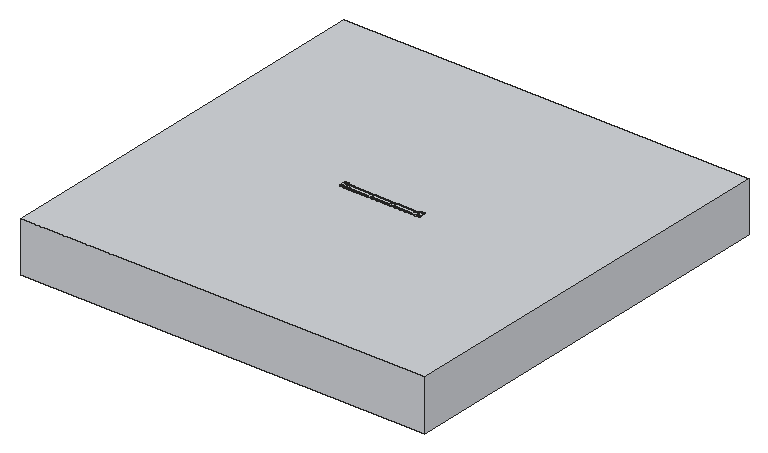
Revit family
Parameters (values of type "FCP3-RACK")
  Weight = 8.00 lbf
  U/M = "EA"
  U Space = "1"
  System = "MM & SM Fiber"
  Serial Number = "FCP3-RACK"
  Segment = "FIBER"
  Ports = "3"
  Model = "FIBER PANEL"
  Metal = none
  Manufacturer = "SIEMON"
  Loaded/Empty = "Empty"
  Item Group = "FIBER MGMT"
  Item Class = "V1"
  Description = "FIBER CONNECT PANEL,FIXED TRAY, BLACK,1RMS"
  Default Elevation = 4' - 0"
  Color = "Black"
Reference planes (in)
  plane 1 "Center (Front/Back)": y = 0
  plane 2: z = 0
  plane 3 "Center (Left/Right)": x = 0
Forms (in)
  Extrusion 1, solid
    sketch origin (0, 0, 0) x (1, 0, 0) y (0, 1, 0)
      loop
        line (-48, 48) -> (-48, -48) -> (48, -48) -> (48, 48) -> (-48, 48)
    from 0 to -12
Dimensions and locks (in)
  aligned and locked: plane 2 to Extrusion 1
  aligned and locked: level to Extrusion 1
Nested families (in)
  nested 1: "FCP3-RACK[1][1]" at (0, 1.57562, -3.6711), type "FCP3-RACK[1][1]"
Definition of nested family "FCP3-RACK[1][1]"
  Parameters (values of type "FCP3-RACK[1][1]")
    Weight = "3.6 kgs (8.0 lbs)"
    UL Rating = "UL 1863"
    U Space / Capacity = "1U"
    Text = Text
    Screw = Screws
    Part Number = "FCP3-RACK"
    Material = Cold rolled steel (CRS)
    Manufacturer Contact Info / Website = "www.siemon.com"
    Manufacturer = "Siemon"
    Label = Label
    Dimensions (H x W x D) = "44.5mm x 483mm x 260mm\r\n(1.75 in. x 19.0 in. x 10.2 in.)"
    Description = "Fiber Connect Panel"
    Clearance = "50mm (2.0 in.) Front and Rear"
    Assembly Code = ""
  Reference planes (in)
    plane 1 "Center (Front/Back)": y = -1.57562
    plane 2: z = 0
    plane 3 "Center (Left/Right)": x = 0
  Forms (in)
    Extrusion 1, solid, material "Cold rolled steel (CRS)" <- "Material"
      sketch origin (0, -1.40644, -1.37348) x (1, 0, 0) y (0, 0, -1)
        loop
          arc (-8.29469, 4.43987) -> (-8.38308, 4.40325) -> (-8.4197, 4.31486) r 0.12501
          line (-8.4197, 4.31486) -> (-8.4197, -4.08084) -> (8.4197, -4.08084) -> (8.4197, 4.31486)
          arc (8.4197, 4.31486) -> (8.38308, 4.40325) -> (8.29469, 4.43987) r 0.12501
          line (8.29469, 4.43987) -> (-8.29469, 4.43987)
      from -0.00918 to 0.04083
    Extrusion 2, solid, material "Cold rolled steel (CRS)" <- "Material"
      sketch origin (0, -1.40644, -1.37348) x (0, 0, -1) y (0, 1, 0)
        loop
          arc (-4.08084, 0.04083) -> (-4.10589, 0.03351) -> (-4.12498, 0.01572) r 0.0565
          line (-4.12498, 0.01572) -> (-4.12498, -0.01578)
          arc (-4.12498, -0.01578) -> (-4.13105, -0.03308) -> (-4.1466, -0.0428) r 0.0277
          line (-4.1466, -0.0428) -> (-4.1466, -0.09398)
          arc (-4.1466, -0.09398) -> (-4.11979, -0.08564) -> (-4.09875, -0.06705) r 0.06707
          arc (-4.09875, -0.06705) -> (-4.0856, -0.04349) -> (-4.08084, -0.01694) r 0.08174
          line (-4.08084, -0.01694) -> (-4.08084, 0.04083)
      from -8.4307 to 8.4307
    Extrusion 3, solid, material "Cold rolled steel (CRS)" <- "Material"
      sketch origin (-8.46052, -1.79065, -1.37348) x (0, 0, -1) y (0, 1, 0)
        loop
          arc (4.42887, 0.30002) -> (4.39225, 0.38842) -> (4.30386, 0.42504) r 0.12501
          line (4.30386, 0.42504) -> (3.94133, 0.42504)
          arc (3.94133, 0.42504) -> (3.89713, 0.40673) -> (3.87882, 0.36253) r 0.06251
          line (3.87882, 0.36253) -> (3.87882, -0.01166)
          arc (3.87882, -0.01166) -> (3.47879, -0.95758) -> (3.07875, -0.01166) r 0.55755
          line (3.07875, -0.01166) -> (3.07875, 0.36253)
          arc (3.07875, 0.36253) -> (3.06045, 0.40673) -> (3.01625, 0.42504) r 0.06251
          line (3.01625, 0.42504) -> (2.60372, 0.42504) -> (-3.36447, 0.42504) -> (-4.83412, 0.42504)
          arc (-4.83412, 0.42504) -> (-4.92251, 0.38842) -> (-4.95913, 0.30002) r 0.12501
          line (-4.95913, 0.30002) -> (-4.95913, -1.05149)
          arc (-4.95913, -1.05149) -> (-4.92251, -1.13988) -> (-4.83412, -1.1765) r 0.12501
          line (-4.83412, -1.1765) -> (4.30386, -1.1765)
          arc (4.30386, -1.1765) -> (4.39225, -1.13988) -> (4.42887, -1.05149) r 0.12501
          line (4.42887, -1.05149) -> (4.42887, 0.30002)
      from -0.02018 to 0.04083
    Extrusion 4, solid, material "Cold rolled steel (CRS)" <- "Material"
      sketch origin (0, -1.50042, 7.82304) x (1, 0, 0) y (0, 0, -1)
        loop
          line (-8.39169, 4.23561) -> (8.39169, 4.23561) -> (8.39169, 4.92491)
          arc (8.39169, 4.92491) -> (8.35508, 5.0133) -> (8.26668, 5.04992) r 0.12501
          line (8.26668, 5.04992) -> (-8.26668, 5.04992)
          arc (-8.26668, 5.04992) -> (-8.35508, 5.0133) -> (-8.39169, 4.92491) r 0.12501
          line (-8.39169, 4.92491) -> (-8.39169, 4.23561)
      from 0 to 0.05118
    Extrusion 5, solid, material "Cold rolled steel (CRS)" <- "Material"
      sketch origin (0, -1.79065, -1.42048) x (0, 0, -1) y (0, 1, 0)
        loop
          line (-5.04574, -1.10794) -> (-5.04574, 0.27285)
          arc (-5.04574, 0.27285) -> (-5.02899, 0.28624) -> (-5.00791, 0.29019) r 0.04426
          line (-5.00791, 0.29019) -> (-5.00791, 0.34141)
          arc (-5.00791, 0.34141) -> (-5.04774, 0.3339) -> (-5.08086, 0.31055) r 0.09544
          arc (-5.08086, 0.31055) -> (-5.09186, 0.28895) -> (-5.09692, 0.26526) r 0.09327
          line (-5.09692, 0.26526) -> (-5.09692, -1.10034)
          arc (-5.09692, -1.10034) -> (-5.09186, -1.12404) -> (-5.08086, -1.14563) r 0.09327
          arc (-5.08086, -1.14563) -> (-5.04774, -1.16899) -> (-5.00791, -1.1765) r 0.09544
          line (-5.00791, -1.1765) -> (-5.00791, -1.12527)
          arc (-5.00791, -1.12527) -> (-5.02899, -1.12133) -> (-5.04574, -1.10794) r 0.04426
      from -8.39169 to 8.39169
    Extrusion 6, void
      sketch origin (0, -1.79065, 3.54778) x (1, 0, 0) y (0, 1, 0)
        loop
          line (-7.65488, -0.6802) -> (-7.65488, -0.90574) -> (-3.0275, -0.90574) -> (-3.0275, -0.6802) -> (-2.92749, -0.6802) -> (-2.92749, -0.01296) -> (-3.0275, -0.01296) -> (-3.0275, 0.21258) -> (-7.65488, 0.21258) -> (-7.65488, -0.01296) -> (-7.75489, -0.01296) -> (-7.75489, -0.6802) -> (-7.65488, -0.6802)
        loop
          line (-2.27269, -0.6802) -> (-2.27269, -0.90574) -> (2.35469, -0.90574) -> (2.35469, -0.6802) -> (2.4547, -0.6802) -> (2.4547, -0.01296) -> (2.35469, -0.01296) -> (2.35469, 0.21258) -> (-2.27269, 0.21258) -> (-2.27269, -0.01296) -> (-2.3727, -0.01296) -> (-2.3727, -0.6802) -> (-2.27269, -0.6802)
        loop
          line (3.10951, -0.6802) -> (3.10951, -0.90574) -> (7.73689, -0.90574) -> (7.73689, -0.6802) -> (7.8369, -0.6802) -> (7.8369, -0.01296) -> (7.73689, -0.01296) -> (7.73689, 0.21258) -> (3.10951, 0.21258) -> (3.10951, -0.01296) -> (3.0095, -0.01296) -> (3.0095, -0.6802) -> (3.10951, -0.6802)
      from 0 to 0.32551
    Extrusion 7, solid, material "Cold rolled steel (CRS)" <- "Material"
      sketch origin (8.46052, -1.79065, -1.37348) x (0, 0, -1) y (0, -1, 0)
        loop
          line (4.42887, -0.30002) -> (4.42887, 1.05149)
          arc (4.42887, 1.05149) -> (4.39225, 1.13988) -> (4.30386, 1.1765) r 0.12501
          line (4.30386, 1.1765) -> (-4.83412, 1.1765)
          arc (-4.83412, 1.1765) -> (-4.92251, 1.13988) -> (-4.95913, 1.05149) r 0.12501
          line (-4.95913, 1.05149) -> (-4.95913, -0.30002)
          arc (-4.95913, -0.30002) -> (-4.92251, -0.38842) -> (-4.83412, -0.42504) r 0.12501
          line (-4.83412, -0.42504) -> (-3.36447, -0.42504) -> (2.60372, -0.42504) -> (3.01625, -0.42504)
          arc (3.01625, -0.42504) -> (3.06045, -0.40673) -> (3.07875, -0.36253) r 0.06251
          line (3.07875, -0.36253) -> (3.07875, 0.01166)
          arc (3.07875, 0.01166) -> (3.47879, 0.95758) -> (3.87882, 0.01166) r 0.55755
          line (3.87882, 0.01166) -> (3.87882, -0.36253)
          arc (3.87882, -0.36253) -> (3.89713, -0.40673) -> (3.94133, -0.42504) r 0.06251
          line (3.94133, -0.42504) -> (4.30386, -0.42504)
          arc (4.30386, -0.42504) -> (4.39225, -0.38842) -> (4.42887, -0.30002) r 0.12501
      from -0.02018 to 0.04083
    Extrusion 8, solid, material "Cold rolled steel (CRS)" <- "Material"
      sketch origin (-0.00712, -2.21547, 0.70447) x (1, 0, 0) y (0, 0, -1)
        loop
          line (-9.47516, -3.01897) -> (-9.47516, -3.11895) -> (-8.61281, -3.11895)
          arc (-8.61281, -3.11895) -> (-8.51454, -3.07825) -> (-8.47352, -2.97998) r 0.13898
          line (-8.47352, -2.97998) -> (-8.47352, 2.97998) -> (-8.57382, 2.97998) -> (-8.57382, -2.97998)
          arc (-8.57382, -2.97998) -> (-8.58524, -3.00755) -> (-8.61281, -3.01897) r 0.03899
          line (-8.61281, -3.01897) -> (-9.47516, -3.01897)
      from -0.84985 to 0.84985
    Extrusion 9, void
      sketch origin (-0.00712, -2.21547, 0.70447) x (1, 0, 0) y (0, 1, 0)
        loop
          line (-9.35018, 0.84985) -> (-9.47516, 0.84985) -> (-9.47516, 0.72487)
          arc (-9.47516, 0.72487) -> (-9.43855, 0.81325) -> (-9.35018, 0.84985) r 0.12498
      from 2.75681 to 3.26212
    Extrusion 10, void
      sketch origin (-0.00712, -2.21547, 0.70447) x (1, 0, 0) y (0, 1, 0)
        loop
          arc (-9.35018, -0.84985) -> (-9.43855, -0.81325) -> (-9.47516, -0.72487) r 0.12498
          line (-9.47516, -0.72487) -> (-9.47516, -0.84985) -> (-9.35018, -0.84985)
      from 2.75681 to 3.26212
    Extrusion 11, void
      sketch origin (-0.00712, -2.21547, 0.70447) x (0, 0, -1) y (0, 1, 0)
        loop
          arc (2.855, 0.84985) -> (2.94337, 0.81325) -> (2.97998, 0.72487) r 0.12498
          line (2.97998, 0.72487) -> (2.97998, 0.84985) -> (2.855, 0.84985)
        loop
          line (2.855, -0.84985) -> (2.97998, -0.84985) -> (2.97998, -0.72487)
          arc (2.97998, -0.72487) -> (2.94337, -0.81325) -> (2.855, -0.84985) r 0.12498
      from -8.68389 to -8.47384
    Extrusion 12, void
      sketch origin (-0.00712, -2.21547, 0.70447) x (1, 0, 0) y (0, 1, 0)
        loop
          arc (-9.2197, 0.74737) -> (-9.34218, 0.62489) -> (-9.2197, 0.50241) r 0.12248
          line (-9.2197, 0.50241) -> (-9.05873, 0.50241)
          arc (-9.05873, 0.50241) -> (-8.93625, 0.62489) -> (-9.05873, 0.74737) r 0.12248
          line (-9.05873, 0.74737) -> (-9.2197, 0.74737)
        loop
          arc (-9.2197, -0.50241) -> (-9.34218, -0.62489) -> (-9.2197, -0.74737) r 0.12248
          line (-9.2197, -0.74737) -> (-9.05873, -0.74737)
          arc (-9.05873, -0.74737) -> (-8.93625, -0.62489) -> (-9.05873, -0.50241) r 0.12248
          line (-9.05873, -0.50241) -> (-9.2197, -0.50241)
      from 2.90344 to 3.19437
    Extrusion 13, solid, material "Cold rolled steel (CRS)" <- "Material"
      sketch origin (0, -2.96715, 7.82304) x (1, 0, 0) y (0, 0, 1)
        loop
          line (-8.39169, -4.23561) -> (-8.39169, -13.67539) -> (8.39169, -13.67539) -> (8.39169, -4.23561) -> (-8.39169, -4.23561)
      from 0 to 0.05118
    Extrusion 14, solid, material "Cold rolled steel (CRS)" <- "Material"
      sketch origin (0.00712, -2.21547, 0.70447) x (-1, 0, 0) y (0, 0, 1)
        loop
          line (-9.47516, 3.01897) -> (-8.61281, 3.01897)
          arc (-8.61281, 3.01897) -> (-8.58524, 3.00755) -> (-8.57382, 2.97998) r 0.03899
          line (-8.57382, 2.97998) -> (-8.57382, -2.97998) -> (-8.47352, -2.97998) -> (-8.47352, 2.97998)
          arc (-8.47352, 2.97998) -> (-8.51454, 3.07825) -> (-8.61281, 3.11895) r 0.13898
          line (-8.61281, 3.11895) -> (-9.47516, 3.11895) -> (-9.47516, 3.01897)
      from -0.84985 to 0.84985
    Extrusion 15, void
      sketch origin (0.00712, -2.21547, 0.70447) x (-1, 0, 0) y (0, -1, 0)
        loop
          arc (-9.35018, -0.84985) -> (-9.43855, -0.81325) -> (-9.47516, -0.72487) r 0.12498
          line (-9.47516, -0.72487) -> (-9.47516, -0.84985) -> (-9.35018, -0.84985)
      from 2.75681 to 3.26212
    Extrusion 16, void
      sketch origin (0.00712, -2.21547, 0.70447) x (-1, 0, 0) y (0, -1, 0)
        loop
          line (-9.35018, 0.84985) -> (-9.47516, 0.84985) -> (-9.47516, 0.72487)
          arc (-9.47516, 0.72487) -> (-9.43855, 0.81325) -> (-9.35018, 0.84985) r 0.12498
      from 2.75681 to 3.26212
    Extrusion 17, void
      sketch origin (0.00712, -2.21547, 0.70447) x (0, 0, -1) y (0, -1, 0)
        loop
          line (2.855, -0.84985) -> (2.97998, -0.84985) -> (2.97998, -0.72487)
          arc (2.97998, -0.72487) -> (2.94337, -0.81325) -> (2.855, -0.84985) r 0.12498
        loop
          arc (2.855, 0.84985) -> (2.94337, 0.81325) -> (2.97998, 0.72487) r 0.12498
          line (2.97998, 0.72487) -> (2.97998, 0.84985) -> (2.855, 0.84985)
      from -8.68389 to -8.47384
    Extrusion 18, void
      sketch origin (0.00712, -2.21547, 0.70447) x (-1, 0, 0) y (0, -1, 0)
        loop
          line (-9.2197, -0.74737) -> (-9.05873, -0.74737)
          arc (-9.05873, -0.74737) -> (-8.93625, -0.62489) -> (-9.05873, -0.50241) r 0.12248
          line (-9.05873, -0.50241) -> (-9.2197, -0.50241)
          arc (-9.2197, -0.50241) -> (-9.34218, -0.62489) -> (-9.2197, -0.74737) r 0.12248
        loop
          line (-9.2197, 0.50241) -> (-9.05873, 0.50241)
          arc (-9.05873, 0.50241) -> (-8.93625, 0.62489) -> (-9.05873, 0.74737) r 0.12248
          line (-9.05873, 0.74737) -> (-9.2197, 0.74737)
          arc (-9.2197, 0.74737) -> (-9.34218, 0.62489) -> (-9.2197, 0.50241) r 0.12248
      from 2.90344 to 3.19437
    Extrusion 19, solid, material "Cold rolled steel (CRS)" <- "Material"
      sketch origin (0, -1.79065, -1.41248) x (1, 0, 0) y (0, 1, 0)
        loop
          arc (8.44824, 0.30002) -> (8.41162, 0.38842) -> (8.32323, 0.42504) r 0.12501
          line (8.32323, 0.42504) -> (7.9607, 0.42504)
          arc (7.9607, 0.42504) -> (7.9165, 0.40673) -> (7.89819, 0.36253) r 0.06251
          line (7.89819, 0.36253) -> (7.89819, -0.01166)
          arc (7.89819, -0.01166) -> (7.49816, -0.95758) -> (7.09812, -0.01166) r 0.55755
          line (7.09812, -0.01166) -> (7.09812, 0.36253)
          arc (7.09812, 0.36253) -> (7.07982, 0.40673) -> (7.03562, 0.42504) r 0.06251
          line (7.03562, 0.42504) -> (-7.03562, 0.42504)
          arc (-7.03562, 0.42504) -> (-7.07982, 0.40673) -> (-7.09812, 0.36253) r 0.06251
          line (-7.09812, 0.36253) -> (-7.09812, -0.01166)
          arc (-7.09812, -0.01166) -> (-7.49816, -0.95758) -> (-7.89819, -0.01166) r 0.55755
          line (-7.89819, -0.01166) -> (-7.89819, 0.36253)
          arc (-7.89819, 0.36253) -> (-7.9165, 0.40673) -> (-7.9607, 0.42504) r 0.06251
          line (-7.9607, 0.42504) -> (-8.32323, 0.42504)
          arc (-8.32323, 0.42504) -> (-8.41162, 0.38842) -> (-8.44824, 0.30002) r 0.12501
          line (-8.44824, 0.30002) -> (-8.44824, -1.05149)
          arc (-8.44824, -1.05149) -> (-8.41162, -1.13988) -> (-8.32323, -1.1765) r 0.12501
          line (-8.32323, -1.1765) -> (8.32323, -1.1765)
          arc (8.32323, -1.1765) -> (8.41162, -1.13988) -> (8.44824, -1.05149) r 0.12501
          line (8.44824, -1.05149) -> (8.44824, 0.30002)
      from -4.43987 to -4.38081
  Cuts and joins
    Extrusion 6 cuts Extrusion 5
    Extrusion 9, Extrusion 10, Extrusion 11, Extrusion 12, Extrusion 15, Extrusion 16, Extrusion 17, Extrusion 18 cuts Extrusion 8
    Extrusion 11, Extrusion 17 cuts Extrusion 3
    Extrusion 15, Extrusion 16, Extrusion 17, Extrusion 18 cuts Extrusion 14
  Lines and regions (in)
    reference lines
      curve 1: line (-9.06586, -1.57562, 5.39749) -> (-9.06586, -1.57562, 1.06678)
      curve 2: line (9.06586, -1.57562, 5.98804) -> (9.06586, -1.57562, 1.06678)
      curve 3: line (-9.73541, -1.57562, 3.6711) -> (11.52443, -1.57562, 3.6711)
  Dimensions and locks (in)
    curve 1 to plane 3 "Center (Left/Right)" = 0' - 9.06586"
    plane 3 "Center (Left/Right)" to curve 2 = 0' - 9.06586"
